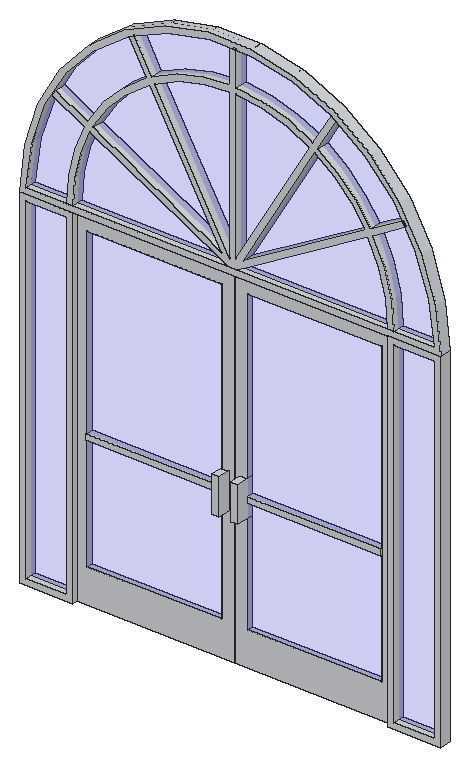
Revit family
Parameters
  Frame Projection Ext. = 0' - 1"
  Frame Projection Int. = 0' - 1"
  Frame Width = 0' - 3"
  Height = 7' - 0"
  Wall Closure = (empty or 0)
  Width = 3' - 0"
Reference planes (in)
  plane 1 "Center (Front/Back)": y = 0
  plane 2 "Center (Left/Right)": x = -17
Forms (in)
  Extrusion 1, solid
    sketch origin (0, 0, 0) x (1, 0, 0) y (0, 0, 1)
      loop
        line (54, 0) -> (54, 120) -> (36, 120) -> (36, 0) -> (54, 0)
      loop
        line (38, 118) -> (38, 2) -> (52, 2) -> (52, 118) -> (38, 118)
      loop
        line (-72, 0) -> (-72, 120) -> (-90, 120) -> (-90, 0) -> (-72, 0)
      loop
        line (-88, 118) -> (-88, 2) -> (-74, 2) -> (-74, 118) -> (-88, 118)
    from 0 to 4
  Extrusion 2, solid
    sketch origin (0, 0, 0) x (1, 0, 0) y (0, 0, 1)
      loop
        line (52, 118) -> (38, 118) -> (38, 2) -> (52, 2) -> (52, 118)
      loop
        line (-74, 118) -> (-88, 118) -> (-88, 2) -> (-74, 2) -> (-74, 118)
    from 1 to 2
  Extrusion 3, solid
    sketch origin (0, 0, 0) x (1, 0, 0) y (0, 0, 1)
      loop
        arc (54, 120) -> (-18, 192) -> (-90, 120) r 72
        line (-90, 120) -> (54, 120)
      loop
        arc (51.97142, 122) -> (-18, 190) -> (-87.97142, 122) r 70
        line (-87.97142, 122) -> (51.97142, 122)
    from 0 to 4
  Extrusion 4, solid
    sketch origin (0, 0, 0) x (1, 0, 0) y (0, 0, 1)
      loop
        line (36, 122) -> (38, 122)
        arc (38, 122) -> (36.2282, 135.97507) -> (31.02491, 149.06582) r 56
        line (31.02491, 149.06582) -> (42.28945, 155.5694) -> (41.28945, 157.30145) -> (30.02716, 150.79917)
        arc (30.02716, 150.79917) -> (22.15035, 161.0378) -> (12.13705, 169.19913) r 56
        line (12.13705, 169.19913) -> (18.37531, 179.80802) -> (16.65184, 180.82146) -> (10.43267, 170.24504)
        arc (10.43267, 170.24504) -> (-2.3018, 175.75469) -> (-16, 177.96427) r 56
        line (-16, 177.96427) -> (-16, 189.99286) -> (-18, 189.99286) -> (-18, 178)
        arc (-18, 178) -> (-31.81602, 176.26894) -> (-44.77789, 171.18277) r 56
        line (-44.77789, 171.18277) -> (-50.92006, 181.82131) -> (-52.65184, 180.82146) -> (-46.51684, 170.19533)
        arc (-46.51684, 170.19533) -> (-57.98727, 161.20482) -> (-66.74938, 149.55899) r 56
        line (-66.74938, 149.55899) -> (-78.36645, 155.60951) -> (-79.28945, 153.83735) -> (-67.70164, 147.80208)
        arc (-67.70164, 147.80208) -> (-72.40263, 135.27984) -> (-74, 122) r 56
        line (-74, 122) -> (-72, 122)
        arc (-72, 122) -> (-70.45999, 134.80427) -> (-65.92781, 146.87821) r 54
        line (-65.92781, 146.87821) -> (-20.81176, 123.38042) -> (-18, 121.91598) -> (-16, 121.91598) -> (-12.63704, 123.85758) -> (29.29253, 148.06563)
        arc (29.29253, 148.06563) -> (34.29625, 135.45741) -> (36, 122) r 54
      loop
        line (-20.77914, 125.61631) -> (-45.51678, 168.46317)
        arc (-45.51678, 168.46317) -> (-56.54257, 159.82156) -> (-64.97446, 148.63456) r 54
        line (-64.97446, 148.63456) -> (-20.77914, 125.61631)
      loop
        line (-18, 124.8021) -> (-18, 176)
        arc (-18, 176) -> (-31.29834, 174.33693) -> (-43.77757, 169.45015) r 54
        line (-43.77757, 169.45015) -> (-18, 124.8021)
      loop
        line (-13.43913, 125.70389) -> (28.29486, 149.79903)
        arc (28.29486, 149.79903) -> (20.73045, 159.62914) -> (11.12257, 167.4739) r 54
        line (11.12257, 167.4739) -> (-13.43913, 125.70389)
      loop
        line (-16, 125.29325) -> (9.4189, 168.52101)
        arc (9.4189, 168.52101) -> (-2.82721, 173.82457) -> (-16, 175.96295) r 54
        line (-16, 175.96295) -> (-16, 125.29325)
    from 0 to 4
  Extrusion 5, solid
    sketch origin (0, 0, 0) x (1, 0, 0) y (0, 0, 1)
      loop
        arc (51.97142, 122) -> (-18, 191.97142) -> (-87.97142, 122) r 69.97142
        line (-87.97142, 122) -> (51.97142, 122)
    from 1 to 2
  Extrusion 6, solid
    sketch origin (0, 0, 0) x (1, 0, 0) y (0, 0, 1)
      loop
        line (36, 120) -> (-18.02431, 120) -> (-18.02431, 0) -> (36, 0) -> (36, 120)
      loop
        line (32.3868, 114.70902) -> (-13.6132, 114.70902) -> (-13.6132, 11.70902) -> (32.3868, 11.70902) -> (32.3868, 114.70902)
    from 0 to 2
  Extrusion 7, solid
    sketch origin (-55, 0, 0) x (1, 0, 0) y (0, 0, 1)
      loop
        line (36.97569, 120) -> (-17, 120) -> (-17, 0) -> (36.97569, 0) -> (36.97569, 120)
      loop
        line (32.3868, 114.70902) -> (-13.6132, 114.70902) -> (-13.6132, 11.70902) -> (32.3868, 11.70902) -> (32.3868, 114.70902)
    from 0 to 2
  Extrusion 8, solid
    sketch origin (0, 0, 0) x (1, 0, 0) y (0, 0, 1)
      loop
        line (32.3868, 114.70902) -> (-13.6132, 114.70902) -> (-13.6132, 11.70902) -> (32.3868, 11.70902) -> (32.3868, 114.70902)
      loop
        line (-22.6132, 114.70902) -> (-68.6132, 114.70902) -> (-68.6132, 11.70902) -> (-22.6132, 11.70902) -> (-22.6132, 114.70902)
    from 1 to 2
  Extrusion 9, solid
    sketch origin (0, 0, 0) x (1, 0, 0) y (0, 0, 1)
      loop
        line (32.3868, 50.70902) -> (32.3868, 52.70902) -> (-13.6132, 52.70902) -> (-13.6132, 50.70902) -> (32.3868, 50.70902)
      loop
        line (-22.6132, 50.70902) -> (-22.6132, 52.70902) -> (-68.6132, 52.70902) -> (-68.6132, 50.70902) -> (-22.6132, 50.70902)
    from 0 to 2.5
  Extrusion 10, solid
    sketch origin (0, 0, 0) x (1, 0, 0) y (0, 0, 1)
      loop
        line (-13.6132, 57.95902) -> (-16.1132, 57.95902) -> (-16.1132, 45.70902) -> (-13.6132, 45.70902) -> (-13.6132, 57.95902)
      loop
        line (-20.1132, 57.95902) -> (-22.6132, 57.95902) -> (-22.6132, 45.70902) -> (-20.1132, 45.70902) -> (-20.1132, 57.95902)
    from 0 to 6
Lines and regions (in)
  Opening 1
    outline origin (-60, -3, 0) x (1, 0, 0) y (0, 0, 1)
      loop
        line (114, 0) -> (114, 120)
        arc (114, 120) -> (42, 192) -> (-30, 120) r 72
        line (-30, 120) -> (-30, 0) -> (114, 0)
Text (in)
  text "Exterior" at (-74.96733, 27.31104, 0), in view "Ref. Level"
  text "Interior" at (-74.96733, -25.14366, 0), in view "Ref. Level"
  text "Exterior" at (0, 40.15149, 123.01588), in view "Right"
  text "Interior" at (0, -64.39139, 123.01588), in view "Right"
  text "Interior" at (0, -31.01599, 123.00693), in view "Left"
  text "Exterior" at (0, 54.57065, 123.00693), in view "Left"
